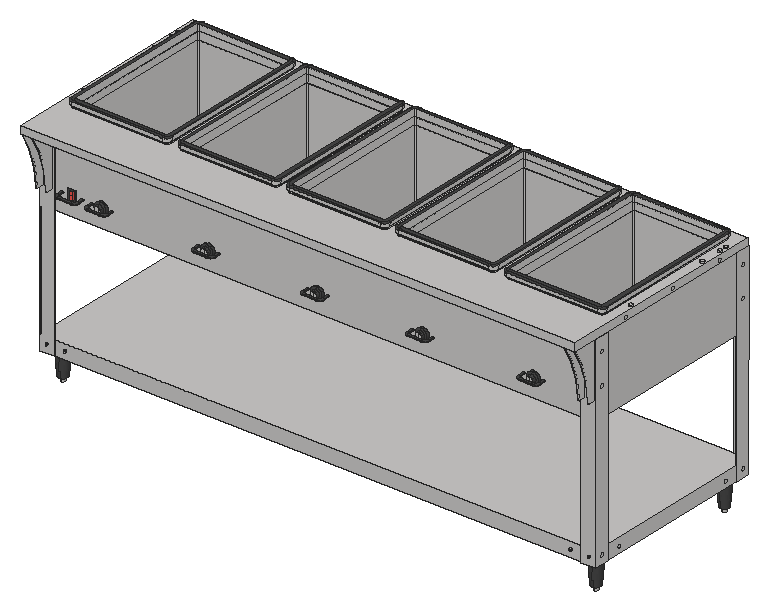
Revit family "QF_VOLLRATH_38205_SERVEWELL_SL_HOT_FOOD_TABLE", category Specialty Equipment, Revit 2022 (continued)
Definition of nested family "QF_VOLLRATH_38203"
  Automatic sketch dimensions
    Extrusion 3 sketch curve to plane 1 "BACK" = 1/16"  (x2)
    plane 4 "RIGHT" to Extrusion 3 sketch curve = 1 15/16"  (x2)
    Extrusion 3 sketch curve to plane 4 "RIGHT" = 1/16"  (x2)
    Extrusion 3 sketch curve to Extrusion 3 sketch curve = 1 15/16"
    plane 10 to Extrusion 3 sketch curve = 1 15/16"
    plane 1 "BACK" to Extrusion 3 sketch curve = 1 15/16"  (x2)
    plane 1 "BACK" to Extrusion 4 sketch curve = 0"
    Extrusion 4 sketch curve to plane 4 "RIGHT" = 0"
    Extrusion 4 sketch curve to plane 3 "LEFT" = 0"
    Extrusion 4 sketch curve to plane 10 = 0"
    plane 12 to Sweep 5 sketch curve = 0.008"
    plane 12 to Sweep 5 sketch curve = 0.508"  (x2)
    plane 10 to Sweep 5 sketch curve = 3.10363"
    Sweep 5 sketch curve to Sweep 5 sketch curve = 12 13/32"  (x2)
    plane 1 "BACK" to Sweep 5 sketch curve = 1.14637"
    Sweep 5 sketch curve to Sweep 5 sketch curve = 1/2"
    Sweep 5 sketch curve to profile plane = 0"
    profile plane to Sweep 5 sketch curve = 1/32"
    Sweep 5 sketch curve to Sweep 5 sketch curve = 11/32"
    Sweep 5 sketch curve to profile plane = 0.08859"
    Sweep 5 sketch curve to profile plane = 0.21124"
    Sweep 5 sketch curve to Sweep 5 sketch curve = 0.00751"
    level to Sweep 5 sketch curve = 21 225/256"
    Sweep 5 sketch curve to Sweep 5 sketch curve = 11.21753"
    Sweep 5 sketch curve to Sweep 5 sketch curve = 0.19131"
    Sweep 5 sketch curve to Sweep 5 sketch curve = 0.43234"
    plane 5 "FRONT" to Extrusion 6 sketch curve = 13.4333"
    Extrusion 6 sketch curve to plane 5 "FRONT" = 0.11477"
    Extrusion 6 sketch curve to plane 10 = 0.80842"
    Extrusion 6 sketch curve to plane 10 = 1/16"
    Extrusion 6 sketch curve to plane 6 "TOP" = 10.27256"
    Extrusion 6 sketch curve to plane 6 "TOP" = 9.59817"
    Extrusion 6 sketch curve to Extrusion 6 sketch curve = 1/4"
    Extrusion 6 sketch curve to plane 6 "TOP" = 1.94773"
    plane 5 "FRONT" to Extrusion 7 sketch curve = 13.4333"
    Extrusion 7 sketch curve to plane 5 "FRONT" = 0.11477"
    Extrusion 7 sketch curve to plane 10 = 0.80842"
    Extrusion 7 sketch curve to plane 10 = 1/16"
    Extrusion 7 sketch curve to plane 6 "TOP" = 10.27256"
    Extrusion 7 sketch curve to plane 6 "TOP" = 9.59817"
    Extrusion 7 sketch curve to Extrusion 7 sketch curve = 1/4"
    Extrusion 7 sketch curve to plane 6 "TOP" = 1.94773"
    Revolve 8 sketch curve to plane 10 = 0"
    Revolve 8 sketch curve to plane 10 = 0.30475"
    Revolve 8 sketch curve to Revolve 8 sketch curve = 0.13723"
    Revolve 8 sketch curve to Revolve 8 sketch curve = 0.30802"
    Revolve 8 sketch curve to plane 6 "TOP" = 9.55549"
    Revolve 8 sketch curve to Revolve 8 sketch curve = 0.41678"
    Revolve 8 sketch curve to Revolve 8 sketch curve = 0.08253"
    Revolve 8 sketch curve to Revolve 8 sketch curve = 0.3109"
    Revolve 8 sketch curve to plane 10 = 0.12717"
    Revolve 8 sketch curve to Revolve 8 sketch curve = 1/16"
    Revolve 8 sketch curve to Revolve 8 sketch curve = 0"
    Sweep 9 sketch curve to plane 10 = 0"  (x2)
    Sweep 9 sketch curve to plane 10 = 0.83521"
    plane 12 to Sweep 9 sketch curve = 5 1/2"
    Sweep 9 sketch curve to Sweep 9 sketch curve = 0.41479"
    Sweep 9 sketch curve to plane 10 = 107/128"
    Sweep 9 sketch curve to Sweep 9 sketch curve = 1.92114"
    Sweep 9 sketch curve to profile plane = 0"
    level to Sweep 9 sketch curve = 24 7/16"
    Revolve 10 sketch curve to plane 10 = 0"
    Revolve 10 sketch curve to plane 10 = 0.30475"
    Revolve 10 sketch curve to Revolve 10 sketch curve = 0.13723"
    Revolve 10 sketch curve to Revolve 10 sketch curve = 0.30802"
    Revolve 10 sketch curve to plane 6 "TOP" = 9.55549"
    Revolve 10 sketch curve to Revolve 10 sketch curve = 0.41678"
    Revolve 10 sketch curve to Revolve 10 sketch curve = 0.08253"
    Revolve 10 sketch curve to Revolve 10 sketch curve = 0.3109"
    Revolve 10 sketch curve to plane 10 = 0.12717"
    Revolve 10 sketch curve to Revolve 10 sketch curve = 1/16"
    Revolve 10 sketch curve to Revolve 10 sketch curve = 0"
    Sweep 11 sketch curve to plane 10 = 0"  (x2)
    Sweep 11 sketch curve to plane 10 = 0.83521"
    Sweep 11 sketch curve to plane 7 "Center Y" = 16.37852"
    Sweep 11 sketch curve to Sweep 11 sketch curve = 0.41479"
    Sweep 11 sketch curve to plane 10 = 107/128"
    Sweep 11 sketch curve to Sweep 11 sketch curve = 1.92114"
    Sweep 11 sketch curve to profile plane = 0"
    level to Sweep 11 sketch curve = 24 7/16"
    Revolve 12 sketch curve to plane 10 = 0"
    Revolve 12 sketch curve to plane 10 = 0.30475"
    Revolve 12 sketch curve to Revolve 12 sketch curve = 0.13723"
    Revolve 12 sketch curve to Revolve 12 sketch curve = 0.30802"
    Revolve 12 sketch curve to plane 6 "TOP" = 8.74527"
    Revolve 12 sketch curve to Revolve 12 sketch curve = 0.3109"
    Revolve 12 sketch curve to Revolve 12 sketch curve = 0.08253"
    Revolve 12 sketch curve to Revolve 12 sketch curve = 0.41678"
    Revolve 12 sketch curve to plane 10 = 0.12717"
    Revolve 12 sketch curve to Revolve 12 sketch curve = 1/16"
    Revolve 12 sketch curve to Revolve 12 sketch curve = 0"
    Sweep 13 sketch curve to plane 10 = 0"  (x2)
    Sweep 13 sketch curve to plane 10 = 0.83521"
    plane 7 "Center Y" to Sweep 13 sketch curve = 15 11/16"
    Sweep 13 sketch curve to Sweep 13 sketch curve = 0.41479"
    Sweep 13 sketch curve to plane 10 = 107/128"
    Sweep 13 sketch curve to Sweep 13 sketch curve = 1.92114"
    Sweep 13 sketch curve to profile plane = 0"
    level to Sweep 13 sketch curve = 24 7/16"
    Extrusion 2 to Extrusion 14 sketch curve = 1.87224"
    Extrusion 2 to Extrusion 14 sketch curve = 3.81326"
    Extrusion 14 sketch curve to Extrusion 14 sketch curve = 0.29169"
    Extrusion 14 sketch curve to Extrusion 14 sketch curve = 0.41524"
    Extrusion 14 sketch curve to Extrusion 14 sketch curve = 0.29307"
    Extrusion 14 sketch curve to Extrusion 14 sketch curve = 0.27955"
    Extrusion 14 sketch curve to Extrusion 14 sketch curve = 1 1/64"
    Extrusion 14 sketch curve to Extrusion 14 sketch curve = 0.20483"
    Extrusion 15 sketch curve to Extrusion 14 = 0"  (x2)
    Extrusion 15 sketch curve to Extrusion 14 = 0.06481"
    Extrusion 15 sketch curve to Extrusion 14 = 0.46361"
    Extrusion 14 to Extrusion 15 sketch curve = 0.00006"
    Extrusion 15 sketch curve to Extrusion 14 = 0.14238"
    Sweep 16 sketch curve to plane 10 = 0"  (x2)
    Sweep 16 sketch curve to plane 10 = 0.83521"
    plane 12 to Sweep 16 sketch curve = 1 15/32"
    Sweep 16 sketch curve to Sweep 16 sketch curve = 0.41479"
    Sweep 16 sketch curve to plane 10 = 107/128"
    Sweep 16 sketch curve to Sweep 16 sketch curve = 1.92114"
    Sweep 16 sketch curve to profile plane = 0"
    level to Sweep 16 sketch curve = 24 7/16"
    Split face 1 sketch curve to cut or joined group of Extrusion 2, Extrusion 3, Extrusion 4 = 4.12648"
    Split face 1 sketch curve to Split face 1 sketch curve = 7/16"
    cut or joined group of Extrusion 2, Extrusion 3, Extrusion 4 to Split face 1 sketch curve = 7.43183"
    Split face 1 sketch curve to Split face 1 sketch curve = 1"
    Split face 2 sketch curve to cut or joined group of Extrusion 2, Extrusion 3, Extrusion 4 = 3.3811"
    cut or joined group of Extrusion 2, Extrusion 3, Extrusion 4 to Split face 2 sketch curve = 7.88431"
    Split face 3 sketch curve to cut or joined group of Extrusion 2, Extrusion 3, Extrusion 4 = 4.12648"
    Split face 3 sketch curve to Split face 3 sketch curve = 7/16"
    cut or joined group of Extrusion 2, Extrusion 3, Extrusion 4 to Split face 3 sketch curve = 35.50567"
    Split face 3 sketch curve to Split face 3 sketch curve = 1"
    Split face 4 sketch curve to Split face 4 sketch curve = 0"  (x2)
    Split face 4 sketch curve to cut or joined group of Extrusion 2, Extrusion 3, Extrusion 4 = 3.3811"
    cut or joined group of Extrusion 2, Extrusion 3, Extrusion 4 to Split face 4 sketch curve = 35.02194"
    Split face 4 sketch curve to Split face 4 sketch curve = 0.16586"
    Split face 5 sketch curve to cut or joined group of Extrusion 2, Extrusion 3, Extrusion 4 = 4.12648"
    Split face 5 sketch curve to Split face 5 sketch curve = 7/16"
    cut or joined group of Extrusion 2, Extrusion 3, Extrusion 4 to Split face 5 sketch curve = 20.88067"
    Split face 5 sketch curve to Split face 5 sketch curve = 1"
    Split face 6 sketch curve to Split face 6 sketch curve = 0"  (x2)
    Split face 6 sketch curve to cut or joined group of Extrusion 2, Extrusion 3, Extrusion 4 = 3.3811"
    cut or joined group of Extrusion 2, Extrusion 3, Extrusion 4 to Split face 6 sketch curve = 20.38132"
    Split face 6 sketch curve to Split face 6 sketch curve = 0.16586"
    Split face 7 sketch curve to cut or joined group of Extrusion 2, Extrusion 3, Extrusion 4 = 3.21492"
    Split face 7 sketch curve to Split face 7 sketch curve = 3/32"  (x2)
    Split face 7 sketch curve to Split face 7 sketch curve = 1 1/8"
    Split face 7 sketch curve to Split face 7 sketch curve = 1.12522"
    Split face 7 sketch curve to Split face 7 sketch curve = 0.09353"
    cut or joined group of Extrusion 2, Extrusion 3, Extrusion 4 to Split face 7 sketch curve = 11.9592"
    Split face 7 sketch curve to Split face 7 sketch curve = 3 15/16"
    Extrusion 17 sketch curve to Extrusion 1 = 0.56824"
    Extrusion 17 sketch curve to Extrusion 1 = 0.53699"
    Extrusion 17 sketch curve to Extrusion 1 = 0.50498"  (x2)
    Extrusion 1 to Extrusion 17 sketch curve = 1.56685"
    Extrusion 17 sketch curve to Extrusion 17 sketch curve = 1.04512"
    Extrusion 17 sketch curve to Extrusion 17 sketch curve = 2.99589"
    Extrusion 1 to Extrusion 17 sketch curve = 3.29839"
    Extrusion 2 to Extrusion 18 sketch curve = 1.4413"
    Extrusion 18 sketch curve to Extrusion 2 = 2.52553"
    Extrusion 19 sketch curve to Extrusion 2 = 2.89711"  (x5)
    Extrusion 19 sketch curve to Extrusion 2 = 6.24577"  (x2)
    Extrusion 19 sketch curve to Extrusion 2 = 6.06673"  (x2)
    Extrusion 19 sketch curve to Extrusion 2 = 6 23/64"
    plane 12 to Extrusion 20 sketch curve = 6.61974"
    Extrusion 20 sketch curve to Extrusion 20 sketch curve = 0.03954"
    Extrusion 20 sketch curve to Extrusion 20 sketch curve = 0.07808"
    Extrusion 20 sketch curve to Extrusion 20 sketch curve = 9/64"
    Extrusion 20 sketch curve to Extrusion 20 sketch curve = 0.29046"
    Extrusion 20 sketch curve to Extrusion 20 sketch curve = 0.10409"
    plane 11 to Extrusion 20 sketch curve = 13 225/256"
    Extrusion 20 sketch curve to Extrusion 20 sketch curve = 0.77431"
    Extrusion 20 sketch curve to Extrusion 20 sketch curve = 0.00199"
    Extrusion 20 sketch curve to Extrusion 20 sketch curve = 0.23749"
    Extrusion 20 sketch curve to Extrusion 20 sketch curve = 0"
    Extrusion 20 sketch curve to Extrusion 20 sketch curve = 0.25882"
    plane 12 to Extrusion 21 sketch curve = 6.80179"
    Extrusion 21 sketch curve to plane 6 "TOP" = 13.11387"
    Extrusion 22 sketch curve to plane 7 "Center Y" = 15.35985"
    Extrusion 22 sketch curve to Extrusion 22 sketch curve = 0.03954"
    Extrusion 22 sketch curve to Extrusion 22 sketch curve = 0.07808"
    Extrusion 22 sketch curve to Extrusion 22 sketch curve = 9/64"
    Extrusion 22 sketch curve to Extrusion 22 sketch curve = 0.29046"
    Extrusion 22 sketch curve to Extrusion 22 sketch curve = 0.10409"
    plane 11 to Extrusion 22 sketch curve = 13 225/256"
    Extrusion 22 sketch curve to Extrusion 22 sketch curve = 0.77431"
    Extrusion 22 sketch curve to Extrusion 22 sketch curve = 0.00199"
    Extrusion 22 sketch curve to Extrusion 22 sketch curve = 0.23749"
    Extrusion 22 sketch curve to Extrusion 22 sketch curve = 0"
    Extrusion 22 sketch curve to Extrusion 22 sketch curve = 0.25882"
    Extrusion 23 sketch curve to plane 7 "Center Y" = 15.17099"
    Extrusion 23 sketch curve to plane 6 "TOP" = 13.11387"
    plane 7 "Center Y" to Extrusion 24 sketch curve = 14.9905"
    Extrusion 24 sketch curve to Extrusion 24 sketch curve = 0.03954"
    Extrusion 24 sketch curve to Extrusion 24 sketch curve = 0.11762"
    Extrusion 24 sketch curve to Extrusion 24 sketch curve = 9/64"
    Extrusion 24 sketch curve to Extrusion 24 sketch curve = 0.29046"
    Extrusion 24 sketch curve to Extrusion 24 sketch curve = 0.10409"
    plane 11 to Extrusion 24 sketch curve = 13 225/256"
    Extrusion 24 sketch curve to Extrusion 24 sketch curve = 0.77431"
    Extrusion 24 sketch curve to Extrusion 24 sketch curve = 0.00199"
    Extrusion 24 sketch curve to Extrusion 24 sketch curve = 0.23749"
    Extrusion 24 sketch curve to Extrusion 24 sketch curve = 0"
    Extrusion 24 sketch curve to Extrusion 24 sketch curve = 0.25882"
    plane 7 "Center Y" to Extrusion 25 sketch curve = 15.17255"
    Extrusion 25 sketch curve to plane 6 "TOP" = 13.11387"
    Extrusion 1 to Extrusion 26 sketch curve = 0.93013"  (x3)
    Extrusion 26 sketch curve to Extrusion 26 sketch curve = 2.99269"
    Extrusion 1 to Extrusion 26 sketch curve = 0.52024"  (x3)
    Extrusion 26 sketch curve to Extrusion 26 sketch curve = 4.0321"
    Extrusion 26 sketch curve to Extrusion 26 sketch curve = 8"  (x2)
    Extrusion 1 to Extrusion 26 sketch curve = 7.39159"
    Extrusion 1 to Extrusion 26 sketch curve = 4.40301"
    Extrusion 26 sketch curve to Extrusion 1 = 1.81291"
    Extrusion 26 sketch curve to Extrusion 26 sketch curve = 0"
    Extrusion 26 sketch curve to Extrusion 26 sketch curve = 2.98858"
    Extrusion 26 sketch curve to Extrusion 1 = 1.79886"
    Extrusion 26 sketch curve to Extrusion 26 sketch curve = 4.15231"
    Extrusion 26 sketch curve to Extrusion 26 sketch curve = 4 1/4"
    Extrusion 26 sketch curve to Extrusion 26 sketch curve = 20 3/4"
    Extrusion 26 sketch curve to Extrusion 26 sketch curve = 20.91394"
    Extrusion 26 sketch curve to Extrusion 26 sketch curve = 0.26147"
    Extrusion 26 sketch curve to Extrusion 26 sketch curve = 0.20927"
    plane 1 "BACK" to Extrusion 27 sketch curve = 0.93013"  (x3)
    plane 9 to Extrusion 27 sketch curve = 0.97789"  (x2)
    Extrusion 27 sketch curve to Extrusion 27 sketch curve = 2.99269"
    Extrusion 27 sketch curve to plane 6 "TOP" = 1.42378"  (x3)
    Extrusion 27 sketch curve to Extrusion 27 sketch curve = 4.0321"
    plane 8 "Center X" to Extrusion 27 sketch curve = 1.78778"
    plane 13 to Extrusion 27 sketch curve = 2.81572"
    plane 10 to Extrusion 27 sketch curve = 3.89159"
    plane 10 to Extrusion 27 sketch curve = 0.90301"  (x3)
    Extrusion 27 sketch curve to plane 11 = 0.81284"
    Extrusion 27 sketch curve to plane 11 = 0.76064"
    Extrusion 27 sketch curve to plane 6 "TOP" = 8.01064"
    Extrusion 27 sketch curve to Extrusion 27 sketch curve = 6.47512"
    Extrusion 27 sketch curve to plane 6 "TOP" = 3.76064"
    Extrusion 27 sketch curve to plane 6 "TOP" = 3.74659"
    Revolve 29 sketch curve to plane 9 = 0"
    Revolve 29 sketch curve to level = 0"
    plane 10 to Revolve 29 sketch curve = 1.00812"
    level to Revolve 29 sketch curve = 9/16"
    plane 10 to Revolve 29 sketch curve = 1.30886"
    Revolve 29 sketch curve to Revolve 29 sketch curve = 0.34739"
    Revolve 29 sketch curve to Revolve 29 sketch curve = 9/32"  (x2)
    Revolve 29 sketch curve to Revolve 29 sketch curve = 1/4"
    Revolve 29 sketch curve to Revolve 29 sketch curve = 1/16"
    Revolve 30 sketch curve to plane 9 = 0"
    Revolve 30 sketch curve to level = 0"
    plane 1 "BACK" to Revolve 30 sketch curve = 1.13312"
    level to Revolve 30 sketch curve = 9/16"
    plane 1 "BACK" to Revolve 30 sketch curve = 1.43386"
    Revolve 30 sketch curve to Revolve 30 sketch curve = 0.34739"
    Revolve 30 sketch curve to Revolve 30 sketch curve = 9/32"  (x2)
    Revolve 30 sketch curve to Revolve 30 sketch curve = 1/16"
    Revolve 30 sketch curve to Revolve 30 sketch curve = 1/4"
    plane 13 to Blend 31 sketch curve = 0"
    plane 12 to Blend 31 sketch curve = 4.43727"
    Blend 31 sketch curve to plane 12 = 0.06273"
    plane 10 to Blend 31 sketch curve = 2.97336"
    plane 13 to Blend 31 sketch curve = 1/2"
    plane 12 to Blend 31 sketch curve = 3.93727"
    plane 12 to Blend 31 sketch curve = 0.43727"
    plane 10 to Blend 31 sketch curve = 3.47336"
    plane 12 to Blend 32 sketch curve = 4.43727"
    Blend 32 sketch curve to plane 12 = 0.06273"
    plane 1 "BACK" to Blend 32 sketch curve = 2.98976"
    Blend 32 sketch curve to Blend 32 sketch curve = 4.88014"
    plane 12 to Blend 32 sketch curve = 3.93727"
    plane 12 to Blend 32 sketch curve = 0.43727"
    plane 1 "BACK" to Blend 32 sketch curve = 3.48976"
    Blend 32 sketch curve to Blend 32 sketch curve = 3.88014"
    plane 7 "Center Y" to Extrusion 33 sketch curve = 0.18117"
    plane 7 "Center Y" to Extrusion 33 sketch curve = 0.14163"
    plane 7 "Center Y" to Extrusion 33 sketch curve = 0.06355"
    Extrusion 33 sketch curve to plane 7 "Center Y" = 0.07708"
    Extrusion 33 sketch curve to plane 7 "Center Y" = 0.14883"
    Extrusion 33 sketch curve to plane 7 "Center Y" = 0.18117"
    Extrusion 33 sketch curve to plane 6 "TOP" = 12.62787"
    Extrusion 33 sketch curve to Extrusion 33 sketch curve = 0.25212"
    Extrusion 33 sketch curve to Extrusion 33 sketch curve = 0.25882"
    Extrusion 33 sketch curve to Extrusion 33 sketch curve = 0.2273"
    Extrusion 33 sketch curve to Extrusion 33 sketch curve = 0"
    Extrusion 33 sketch curve to Extrusion 33 sketch curve = 0.77431"
    plane 7 "Center Y" to Extrusion 34 sketch curve = 15.18237"
    Extrusion 34 sketch curve to plane 6 "TOP" = 13.11387"
    Extrusion 35 sketch curve to plane 7 "Center Y" = 0.00769"
    Extrusion 35 sketch curve to plane 6 "TOP" = 13.11387"
    Revolve 36 sketch curve to plane 10 = 0"
    Revolve 36 sketch curve to plane 10 = 0.30475"
    Revolve 36 sketch curve to Revolve 36 sketch curve = 0.13723"
    Revolve 36 sketch curve to Revolve 36 sketch curve = 0.30802"
    Revolve 36 sketch curve to plane 6 "TOP" = 8.74527"
    Revolve 36 sketch curve to Revolve 36 sketch curve = 0.3109"
    Revolve 36 sketch curve to Revolve 36 sketch curve = 0.08253"
    Revolve 36 sketch curve to Revolve 36 sketch curve = 0.41678"
    Revolve 36 sketch curve to plane 10 = 0.12717"
    Revolve 36 sketch curve to Revolve 36 sketch curve = 1/16"
    Revolve 36 sketch curve to Revolve 36 sketch curve = 0"
    Split face 8 sketch curve to cut or joined group of Extrusion 2, Extrusion 3, Extrusion 4 = 4.12648"
    Split face 8 sketch curve to Split face 8 sketch curve = 7/16"
    cut or joined group of Extrusion 2, Extrusion 3, Extrusion 4 to Split face 8 sketch curve = 22.05683"
    Split face 8 sketch curve to Split face 8 sketch curve = 1"
    Split face 9 sketch curve to Split face 9 sketch curve = 0"  (x2)
    Split face 9 sketch curve to cut or joined group of Extrusion 2, Extrusion 3, Extrusion 4 = 3.3811"
    cut or joined group of Extrusion 2, Extrusion 3, Extrusion 4 to Split face 9 sketch curve = 22.52331"
    Split face 9 sketch curve to Split face 9 sketch curve = 0.16586"
    Revolve 37 sketch curve to plane 9 = 0"
    Revolve 37 sketch curve to level = 0"
    plane 10 to Revolve 37 sketch curve = 1.00812"
    level to Revolve 37 sketch curve = 9/16"
    plane 10 to Revolve 37 sketch curve = 1.30886"
    Revolve 37 sketch curve to Revolve 37 sketch curve = 0.34739"
    Revolve 37 sketch curve to Revolve 37 sketch curve = 9/32"  (x2)
    Revolve 37 sketch curve to Revolve 37 sketch curve = 1/16"
    Revolve 37 sketch curve to Revolve 37 sketch curve = 1/4"
    Revolve 38 sketch curve to plane 9 = 0"
    Revolve 38 sketch curve to level = 0"
    plane 1 "BACK" to Revolve 38 sketch curve = 1.13312"
    level to Revolve 38 sketch curve = 9/16"
    plane 1 "BACK" to Revolve 38 sketch curve = 1.43386"
    Revolve 38 sketch curve to Revolve 38 sketch curve = 0.34739"
    Revolve 38 sketch curve to Revolve 38 sketch curve = 9/32"  (x2)
    Revolve 38 sketch curve to level = 1/4"
    Revolve 38 sketch curve to Revolve 38 sketch curve = 1/16"
    plane 13 to Blend 39 sketch curve = 0"
    plane 4 "RIGHT" to Blend 39 sketch curve = 5.93727"
    plane 4 "RIGHT" to Blend 39 sketch curve = 1.43727"
    plane 10 to Blend 39 sketch curve = 2.97336"
    plane 13 to Blend 39 sketch curve = 1/2"
    plane 4 "RIGHT" to Blend 39 sketch curve = 5.43727"
    plane 4 "RIGHT" to Blend 39 sketch curve = 1.93727"
    plane 10 to Blend 39 sketch curve = 3.47336"
    plane 4 "RIGHT" to Blend 40 sketch curve = 5.93727"
    plane 4 "RIGHT" to Blend 40 sketch curve = 1.43727"
    plane 8 "Center X" to Blend 40 sketch curve = 6.8801"
    plane 1 "BACK" to Blend 40 sketch curve = 2.98976"
    plane 4 "RIGHT" to Blend 40 sketch curve = 5.43727"
    plane 4 "RIGHT" to Blend 40 sketch curve = 1.93727"
    plane 1 "BACK" to Blend 40 sketch curve = 7.3699"
    plane 1 "BACK" to Blend 40 sketch curve = 3.48976"
    plane 5 "FRONT" to Extrusion 41 sketch curve = 13.4333"
    Extrusion 41 sketch curve to plane 5 "FRONT" = 0.11477"
    Extrusion 41 sketch curve to plane 10 = 0.80842"
    Extrusion 41 sketch curve to plane 10 = 1/16"
    Extrusion 41 sketch curve to plane 6 "TOP" = 1.94773"
    Extrusion 41 sketch curve to Extrusion 41 sketch curve = 7.40044"
    Extrusion 41 sketch curve to Extrusion 41 sketch curve = 1/4"
    Extrusion 41 sketch curve to plane 6 "TOP" = 10.27256"
    plane 5 "FRONT" to Extrusion 42 sketch curve = 13.4333"
    Extrusion 42 sketch curve to plane 5 "FRONT" = 0.11477"
    Extrusion 42 sketch curve to plane 10 = 0.80842"
    Extrusion 42 sketch curve to plane 10 = 1/16"
    Extrusion 42 sketch curve to plane 6 "TOP" = 1.94773"
    Extrusion 42 sketch curve to Extrusion 42 sketch curve = 7.40044"
    Extrusion 42 sketch curve to Extrusion 42 sketch curve = 1/4"
    Extrusion 42 sketch curve to plane 6 "TOP" = 10.27256"
    plane 10 to Sweep 43 sketch curve = 3.60363"
    plane 12 to Sweep 43 sketch curve = 14.91425"
    Sweep 43 sketch curve to Sweep 43 sketch curve = 1/2"  (x3)
    Sweep 43 sketch curve to plane 7 "Center Y" = 8.6795"  (x2)
    plane 1 "BACK" to Sweep 43 sketch curve = 1.14637"
    Sweep 43 sketch curve to profile plane = 0"
    profile plane to Sweep 43 sketch curve = 1/32"
    Sweep 43 sketch curve to Sweep 43 sketch curve = 11/32"
    Sweep 43 sketch curve to profile plane = 0.08859"
    Sweep 43 sketch curve to profile plane = 0.21124"
    Sweep 43 sketch curve to Sweep 43 sketch curve = 0.00751"
    level to Sweep 43 sketch curve = 21 225/256"
    Sweep 43 sketch curve to Sweep 43 sketch curve = 11.21753"
    Sweep 43 sketch curve to Sweep 43 sketch curve = 0.19131"
    Sweep 43 sketch curve to Sweep 43 sketch curve = 0.43234"
    plane 10 to Sweep 44 sketch curve = 3.60363"
    Sweep 44 sketch curve to plane 7 "Center Y" = 6 45/64"
    Sweep 44 sketch curve to Sweep 44 sketch curve = 1/2"  (x3)
    plane 7 "Center Y" to Sweep 44 sketch curve = 6 13/64"  (x2)
    plane 1 "BACK" to Sweep 44 sketch curve = 1.14637"
    Sweep 44 sketch curve to profile plane = 0"
    profile plane to Sweep 44 sketch curve = 1/32"
    Sweep 44 sketch curve to Sweep 44 sketch curve = 11/32"
    Sweep 44 sketch curve to profile plane = 0.08859"
    Sweep 44 sketch curve to profile plane = 0.21124"
    Sweep 44 sketch curve to Sweep 44 sketch curve = 0.00751"
    level to Sweep 44 sketch curve = 21 225/256"
    Sweep 44 sketch curve to Sweep 44 sketch curve = 11.21753"
    Sweep 44 sketch curve to Sweep 44 sketch curve = 0.19131"
    Sweep 44 sketch curve to Sweep 44 sketch curve = 0.43234"
    plane 4 "RIGHT" to Sweep 45 sketch curve = 1.508"
    Sweep 45 sketch curve to Sweep 45 sketch curve = 1/2"  (x3)
    plane 10 to Sweep 45 sketch curve = 3.10363"
    Sweep 45 sketch curve to Sweep 45 sketch curve = 12 13/32"  (x2)
    plane 1 "BACK" to Sweep 45 sketch curve = 1.14637"
    Sweep 45 sketch curve to profile plane = 0"
    profile plane to Sweep 45 sketch curve = 0.08859"
    profile plane to Sweep 45 sketch curve = 0.21124"
    Sweep 45 sketch curve to Sweep 45 sketch curve = 0.00751"
    Sweep 45 sketch curve to profile plane = 1/32"
    Sweep 45 sketch curve to profile plane = 11/32"
    level to Sweep 45 sketch curve = 21 225/256"
    Sweep 45 sketch curve to Sweep 45 sketch curve = 11.21753"
    Sweep 45 sketch curve to Sweep 45 sketch curve = 0.19131"
    Sweep 45 sketch curve to Sweep 45 sketch curve = 0.43234"
    plane 10 to Sweep 46 sketch curve = 3.60363"
    plane 4 "RIGHT" to Sweep 46 sketch curve = 16.41425"
    Sweep 46 sketch curve to Sweep 46 sketch curve = 1/2"  (x3)
    plane 7 "Center Y" to Sweep 46 sketch curve = 8.6795"  (x2)
    plane 1 "BACK" to Sweep 46 sketch curve = 1.14637"
    Sweep 46 sketch curve to profile plane = 0"
    profile plane to Sweep 46 sketch curve = 0.08859"
    profile plane to Sweep 46 sketch curve = 0.21124"
    Sweep 46 sketch curve to Sweep 46 sketch curve = 0.00751"
    Sweep 46 sketch curve to profile plane = 1/32"
    Sweep 46 sketch curve to profile plane = 11/32"
    level to Sweep 46 sketch curve = 21 225/256"
    Sweep 46 sketch curve to Sweep 46 sketch curve = 11.21753"
    Sweep 46 sketch curve to Sweep 46 sketch curve = 0.19131"
    Sweep 46 sketch curve to Sweep 46 sketch curve = 0.43234"
    plane 4 "RIGHT" to Extrusion 47 sketch curve = 8.5095"
    Extrusion 47 sketch curve to Extrusion 47 sketch curve = 0.03954"
    Extrusion 47 sketch curve to Extrusion 47 sketch curve = 0.11762"
    Extrusion 47 sketch curve to Extrusion 47 sketch curve = 9/64"
    Extrusion 47 sketch curve to Extrusion 47 sketch curve = 0.29046"
    Extrusion 47 sketch curve to Extrusion 47 sketch curve = 0.10409"
    plane 11 to Extrusion 47 sketch curve = 13 225/256"
    Extrusion 47 sketch curve to Extrusion 47 sketch curve = 0.77431"
    Extrusion 47 sketch curve to Extrusion 47 sketch curve = 0.00199"
    Extrusion 47 sketch curve to Extrusion 47 sketch curve = 0.23749"
    Extrusion 47 sketch curve to Extrusion 47 sketch curve = 0"
    Extrusion 47 sketch curve to Extrusion 47 sketch curve = 0.25882"
    plane 4 "RIGHT" to Extrusion 48 sketch curve = 8.32745"
    Extrusion 48 sketch curve to plane 6 "TOP" = 13.11387"
    plane 4 "RIGHT" to Extrusion 49 sketch curve = 8.31763"
    Extrusion 49 sketch curve to plane 6 "TOP" = 13.11387"
    Sweep 50 sketch curve to plane 10 = 0"  (x2)
    Sweep 50 sketch curve to plane 10 = 0.83521"
    plane 4 "RIGHT" to Sweep 50 sketch curve = 7 1/16"
    Sweep 50 sketch curve to Sweep 50 sketch curve = 0.41479"
    Sweep 50 sketch curve to plane 10 = 107/128"
    Sweep 50 sketch curve to Sweep 50 sketch curve = 1.92114"
    Sweep 50 sketch curve to profile plane = 0"
    level to Sweep 50 sketch curve = 24 7/16"
    Revolve 51 sketch curve to plane 10 = 0"
    Revolve 51 sketch curve to plane 10 = 0.30475"
    Revolve 51 sketch curve to Revolve 51 sketch curve = 0.13723"
    Revolve 51 sketch curve to Revolve 51 sketch curve = 0.30802"
    Revolve 51 sketch curve to plane 6 "TOP" = 8.74527"
    Revolve 51 sketch curve to Revolve 51 sketch curve = 0.3109"
    Revolve 51 sketch curve to Revolve 51 sketch curve = 0.08253"
    Revolve 51 sketch curve to Revolve 51 sketch curve = 0.41678"
    Revolve 51 sketch curve to plane 10 = 0.12717"
    Revolve 51 sketch curve to Revolve 51 sketch curve = 1/16"
    Revolve 51 sketch curve to Revolve 51 sketch curve = 0"
    Split face 10 sketch curve to cut or joined group of Extrusion 2, Extrusion 3, Extrusion 4 = 4.12648"
    Split face 10 sketch curve to Split face 10 sketch curve = 7/16"
    cut or joined group of Extrusion 2, Extrusion 3, Extrusion 4 to Split face 10 sketch curve = 5.56817"
    Split face 10 sketch curve to Split face 10 sketch curve = 1"
    Sweep 52 sketch curve to plane 10 = 0"  (x2)
    Sweep 52 sketch curve to plane 10 = 0.83521"
    plane 7 "Center Y" to Sweep 52 sketch curve = 1.33794"
    Sweep 52 sketch curve to Sweep 52 sketch curve = 0.41479"
    Sweep 52 sketch curve to plane 7 "Center Y" = 0.99799"
    Sweep 52 sketch curve to Sweep 52 sketch curve = 53/128"
    Sweep 52 sketch curve to profile plane = 0"
    level to Sweep 52 sketch curve = 24 7/16"
    Split face 11 sketch curve to Split face 11 sketch curve = 0"  (x2)
    Split face 11 sketch curve to cut or joined group of Extrusion 2, Extrusion 3, Extrusion 4 = 3.3811"
    cut or joined group of Extrusion 2, Extrusion 3, Extrusion 4 to Split face 11 sketch curve = 5.13132"
    Split face 11 sketch curve to Split face 11 sketch curve = 0.16586"
    Extrusion 53 sketch curve to Extrusion 53 sketch curve = 0"  (x10)
    Extrusion 53 sketch curve to Extrusion 2 = 5/32"  (x7)
    Extrusion 53 sketch curve to Extrusion 2 = 2.89624"
    Extrusion 53 sketch curve to Extrusion 2 = 2.89711"  (x4)
    Extrusion 53 sketch curve to Extrusion 53 sketch curve = 5/32"  (x3)
    Extrusion 53 sketch curve to Extrusion 2 = 6.24577"
    Extrusion 53 sketch curve to Extrusion 2 = 6.06673"  (x2)
    Extrusion 53 sketch curve to Extrusion 2 = 6 23/64"
    Extrusion 53 sketch curve to Extrusion 2 = 6.24606"
    Extrusion 53 sketch curve to Extrusion 53 sketch curve = 1/2"  (x5)
    Extrusion 54 sketch curve to Extrusion 1 = 0.56824"
    Extrusion 54 sketch curve to Extrusion 1 = 0.53699"
    Extrusion 54 sketch curve to Extrusion 1 = 0.50498"  (x2)
    Extrusion 1 to Extrusion 54 sketch curve = 3.29839"
    Extrusion 1 to Extrusion 54 sketch curve = 5.60786"
    Extrusion 1 to Extrusion 54 sketch curve = 2.61197"
    Extrusion 54 sketch curve to Extrusion 54 sketch curve = 1.04512"
    plane 4 "RIGHT" to curve 32 = 0.56824"
    plane 13 to curve 32 = 1.10773"
    curve 31 to curve 31 = 1/4"
    plane 4 "RIGHT" to curve 33 = 0.53699"
    plane 1 "BACK" to curve 34 = 7.09798"
    curve 34 to curve 33 = 1/4"
    plane 4 "RIGHT" to curve 36 = 0.50498"
    curve 33 to curve 36 = 2.99589"
    curve 36 to curve 35 = 1/4"
    plane 4 "RIGHT" to curve 38 = 0.50498"
    curve 35 to curve 37 = 1.04512"
    curve 38 to curve 37 = 1/4"
    plane 10 to curve 43 = 3.60363"
    curve 43 to curve 31 = 14.31476"
    curve 43 to curve 42 = 23/32"
    curve 44 to curve 44 = 23/32"
    curve 46 to curve 38 = 1.25302"
    plane 4 "RIGHT" to curve 41 = 2.008"
    curve 40 to curve 39 = 23/32"
    plane 1 "BACK" to curve 43 = 1.64637"
    plane 13 to curve 47 = 1.50901"
    curve 42 to curve 47 = 6.08952"
    curve 48 to curve 47 = 1/2"
    curve 40 to curve 56 = 0"  (x2)
    curve 42 to curve 50 = 0"  (x2)
    curve 44 to curve 52 = 0"  (x2)
    curve 46 to curve 54 = 0"
    curve 51 to curve 52 = 5/32"
    plane 7 "Center Y" to curve 61 = 7.96075"
    curve 61 to curve 60 = 23/32"
    curve 62 to curve 62 = 23/32"
    plane 1 "BACK" to curve 63 = 0.92762"
    curve 63 to curve 43 = 1 25/32"
    curve 59 to curve 42 = 1 25/32"
    curve 58 to curve 57 = 23/32"
    plane 10 to curve 59 = 2.88488"
    curve 58 to curve 66 = 0"  (x2)
    curve 60 to curve 68 = 0"  (x2)
    curve 62 to curve 70 = 0"  (x2)
    curve 64 to curve 72 = 0"
    curve 69 to curve 68 = 5/32"
    plane 13 to curve 74 = 1.50901"
    curve 74 to curve 66 = 5.91048"
    curve 74 to curve 74 = 1/2"
    plane 1 "BACK" to curve 79 = 1.64637"
    curve 79 to plane 7 "Center Y" = 6 59/64"
    curve 79 to curve 80 = 23/32"
    curve 79 to curve 78 = 23/32"
    curve 82 to curve 61 = 1.75762"
    curve 77 to curve 60 = 1.75762"
    curve 76 to curve 75 = 23/32"
    curve 77 to curve 60 = 23/32"
    curve 76 to curve 84 = 0"  (x2)
    curve 78 to curve 86 = 0"  (x2)
    curve 80 to curve 88 = 0"  (x2)
    curve 82 to curve 90 = 0"
    curve 87 to curve 78 = 5/32"
    curve 91 to plane 7 "Center Y" = 0"
    plane 13 to curve 91 = 1.50901"
    curve 91 to curve 91 = 1/2"
    plane 13 to curve 94 = 1.50901"
    curve 29 to curve 94 = 7.69173"
    curve 94 to curve 93 = 1/2"
    curve 29 to curve 95 = 1 1/16"
    curve 95 to curve 97 = 23/32"
    curve 95 to curve 102 = 23/32"
    curve 98 to curve 79 = 1.75762"
    curve 101 to curve 78 = 1.75762"
    curve 98 to curve 99 = 23/32"
    curve 101 to curve 29 = 23/32"
    curve 29 to curve 95 = 0"
    curve 96 to curve 104 = 0"  (x2)
    curve 98 to curve 106 = 0"  (x2)
    curve 100 to curve 108 = 0"  (x2)
    curve 102 to curve 110 = 0"
    curve 103 to curve 104 = 5/32"
    plane 4 "RIGHT" to Extrusion 28 sketch curve = 0.87598"  (x3)
    Extrusion 28 sketch curve to plane 11 = 0.90649"  (x4)
    Extrusion 28 sketch curve to Extrusion 28 sketch curve = 2 1/2"
    plane 12 to Extrusion 28 sketch curve = 1.87598"
    Extrusion 28 sketch curve to plane 12 = 0.62402"  (x3)
    Extrusion 28 sketch curve to plane 6 "TOP" = 7.99051"  (x2)
    Extrusion 28 sketch curve to plane 6 "TOP" = 3.74051"  (x2)
    Extrusion 19 sketch curve to Extrusion 19 sketch curve = 0"  (x10)
    radius of Sweep 9 sketch curve = 1/8"
    radius of Sweep 11 sketch curve = 1/8"
    radius of Sweep 13 sketch curve = 1/8"
    radius of Sweep 16 sketch curve = 1/8"
    radius of Split face 2 sketch curve = 0.16586"
    radius of Extrusion 17 sketch curve = 1/4"  (x4)
    radius of Extrusion 18 sketch curve = 1/2"
    radius of Extrusion 19 sketch curve = 1/2"  (x5)
    radius of Extrusion 21 sketch curve = 1/4"
    radius of Extrusion 23 sketch curve = 1/4"
    radius of Extrusion 25 sketch curve = 1/4"
    radius of Extrusion 26 sketch curve = 0.17669"  (x11)
    radius of Extrusion 27 sketch curve = 0.17669"  (x11)
    radius of Extrusion 34 sketch curve = 1/4"
    radius of Extrusion 35 sketch curve = 1/4"
    radius of Extrusion 48 sketch curve = 1/4"
    radius of Extrusion 49 sketch curve = 1/4"
    radius of Sweep 50 sketch curve = 1/8"
    radius of Sweep 52 sketch curve = 1/8"
    radius of Extrusion 53 sketch curve to Extrusion 2 = 0"  (x10)
    radius of Extrusion 54 sketch curve = 1/4"  (x4)
    radius of Extrusion 28 sketch curve = 0.14866"  (x8)
    radius of Extrusion 19 sketch curve = 9/16"  (x5)
  Connectors (in)
    electrical at (4.37729, -23.99392, 21.75393)
      settings: on Extrusion 18, index 1, voltage 0 V, apparent load 0 VA, apparent load phase1 0 VA, apparent load phase2 0 VA, apparent load phase3 0 VA, power factor 1, load classification none, number of poles 1, system type 30, power factor state 1, is connector primary yes, connector utility no, sub classification motor no, connector description "ELECTRICAL CONNECTION"
